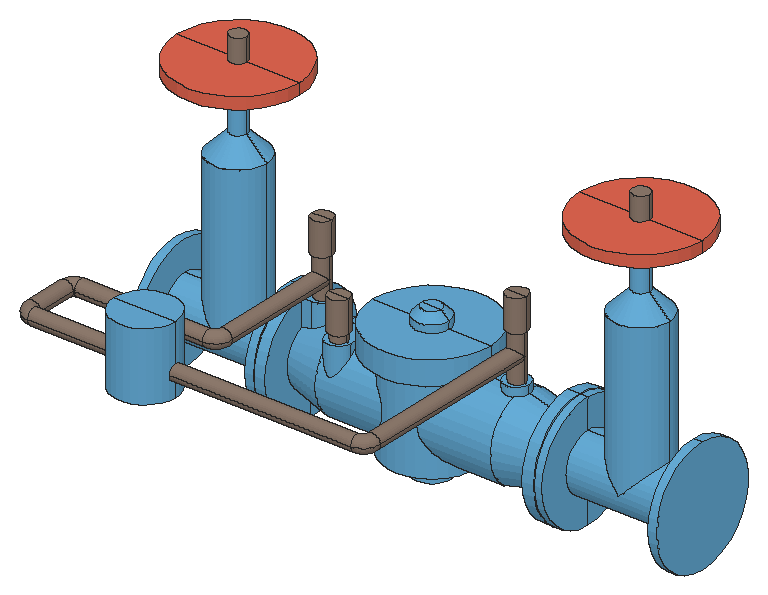
Revit family "Double_Check_Detector_Assemblies-Backflow_Prevention-WATTS-007DCDA_Series", category Pipe Accessories, Revit 2019
Family settings
  Round Connector Dimension = Use Radius
  Part Type = Valve - Breaks Into
  OmniClass Number = 23.65.55.14.21
  OmniClass Title = Non-Return Valves for Liquid Services
  Work Plane-Based = No
  Always vertical = Yes
  Cut with Voids When Loaded = No
  Shared = No
Parameters (values of type "007DCDA - 3"")
  Width = 12 5/16"
  Waste Connection = no
  Vent Connection = no
  VALVE_OAL = 18 31/256"
  built-in parameter 1114242 [instance] = (empty or 0)
  URL = "http://www.watts.com/"
  TC_Nipple_Rad = 1/2"
  TC_Boss_Rad = 205/256"
  TC_Body_Rad = 83/128"
  TC_Body_Length = 2 15/256"
  TC4_Hieght = 8 51/256"
  TC4_Boss_Hieght = 3 13/128"
  TC4_Dist = 14 19/128"
  TC3_Hieght = 5 1/4"
  TC3_Dist = 3 61/64"
  TC2_Hieght = 8 51/256"
  TC2_Boss_Hieght = CHK_Flange_Rad - 0.2"  # 3.55"
  TC2_Dist = 1 59/128"
  Shipping Weight = 96 lbf
  Revised Date = "1/11/2016"  # constant formula
  Region = "North America"  # constant formula
  RV_Rad = 2 59/64"
  RV_Port_Rad = 1 69/256"
  RV_Port_Dist = 4 23/128"
  RV_Main_Dist = 2 31/32"
  RV_Cover_Thk = 1 143/256"
  RV_Cover_Rad = 3 7/8"
  RV_Cover_Hieght = 4 131/256"
  RV_Cover_Boss_Small_Rad = 5/8"
  RV_Cover_Boss_Large_Rad = 1 31/256"
  RV_Cover_Boss_Hieght = 5 125/256"
  RV_Cover_Boss_Angle = 45.00°
  Product Page URL = "http://www.watts.com/pages/_products_details.asp?pid=3457"
  Product Documentation Link = "http://media.wattswater.com/ES-007DCDA.pdf"
  Pressure Rating = 175 psi  # constant formula
  Ordering Code = "CFM Meter : 0062513 / GPM Meter : 0062512"
  Nominal Length = 16 5/8"
  Model = "007DCDA-OSY"
  Material = "Metal-Watts-Epoxy Coated Cast Iron"  # constant formula
  Manufacturer Product Line = "Backflow Prevention"
  Manufacturer = "WATTS"
  Length = 34 1/4"
  Installation Instructions = "http://www.watts.com/pdf/1911335.pdf"
  Height = 18 7/8"
  HW Connection = no
  GV_Stem_Rad = 141/256"
  GV_Stem_Dist = GV_OAL / 2  # 4"
  GV_Out_Flg_Ext = -141/256"
  GV_OSY_Stem_Hieght = 3 51/256"
  GV_OAL = 8"
  GV_Handle_Thk = 3/4"
  GV_Handle_Rad = 4"
  GV_Handle_Height = 15 1/2"
  GV_Flow_Rad = 1 109/128"
  GV_Flange_Thk = 141/256"
  GV_Flange_Rad = 3 189/256"
  GV_Bonnet_Height = 10"
  GV_Bonnet_Angle = 45.00°
  Flow Rate = "7.5 fps / 2.3 mps"
  Description = "Series 007DCDA Double Check Detector Assemblies prevent the backflow of non-health hazard fire protection system substances from being pumped or siphoned into the potable water supply. It incorporates a meter to detect ground leaks and unauthorized illegal taps, greatly reducing annual water expenses. Its compact epoxy coated cast iron unibody and modular check design facilitate simple and easy installation and maintenance. Maximum Working Pressure: 175psi (12.06 bar)."
  Country = "United States"  # constant formula
  Connection_Rad = 1 1/2"
  Connection Type = "Flange"
  Connection Size = 2 1/2"
  Connection Outlet Description = "3\" Outlet Connection"
  Connection Inlet Description = "3\" Inlet Connection"
  CW Connection = yes
  CL_TC3 = 1 3/4"
  CL_TC1 = 4 49/256"
  CHK_In_RV = 8 197/256"
  CHK_In_2nd_Angle = 14 77/128"
  CHK_Flange_Thk = 3/4"
  CHK_Body_Small_Rad = 2"
  CHK_In_1st_Angle = 3 41/256"
  CHK_Flange_Rad = 3 3/4"
  CHK_Body_Large_Rad = 2 177/256"
  BP_WM_Top = 2 59/64"
  BP_WM_Rad = 2"
  BP_WM_Dist = 59/256"
  BP_WM_Btm = 1 133/256"
  BP_Sweep_Rad = 143/256"
  BP_Short_Length = 8 207/256"
  BP_Rad = 1/2"
  BP_Length = 21 1/2"
  BP_Hieght = 4 83/128"
  BP_Dist2 = 10 39/64"
  BP_Dist1 = 6 105/128"
  Assembly Code = "F1050"
Types (3): name | built-in parameter 1114242 | Shipping Weight | Ordering Code | Nominal Length | Length | Height | GV_Stem_Rad | GV_Stem_Dist | GV_Out_Flg_Ext | GV_OSY_Stem_Hieght | GV_OAL | GV_Handle_Rad | GV_Handle_Height | GV_Flow_Rad | GV_Flange_Thk | GV_Flange_Rad | GV_Bonnet_Height | Connection_Rad | Connection Outlet Description | Connection Inlet Description
  (no name) | (empty or 0) | 96 lbf | "CFM Meter : 0062513 / GPM Meter : 0062512" | 16 5/8" | 34 1/4" | 18 7/8" | 141/256" | 4" | -141/256" | 3 51/256" | 8" | 4" | 15 1/2" | 1 109/128" | 141/256" | 3 189/256" | 10" | 1 1/2" | "3\" Outlet Connection" | "3\" Inlet Connection"
  007DCDA - 2.5" | 1 | 164 lbf | "CFM Meter : 0062511 / GPM Meter : 0062510" | 16 3/8" | 33 1/4" | 16 3/8" | 113/256" | 3 3/4" | -73/128" | 2 105/128" | 7 1/2" | 3 5/8" | 13 3/4" | 1 77/128" | 73/128" | 3 1/2" | 8" | 1 1/4" | "2 1/2\" Outlet Connection" | "2 1/2\" Inlet Connection"
  007DCDA - 3" | (empty or 0) | 96 lbf | "CFM Meter : 0062513 / GPM Meter : 0062512" | 16 5/8" | 34 1/4" | 18 7/8" | 141/256" | 4" | -141/256" | 3 51/256" | 8" | 4" | 15 1/2" | 1 109/128" | 141/256" | 3 189/256" | 10" | 1 1/2" | "3\" Outlet Connection" | "3\" Inlet Connection"
Reference planes (in)
  plane 1 "Center (Front/Back)": y = 0
  plane 2: z = 0
  plane 3 "Center (Left/Right)": x = 0
  plane 4 "GV1_Outlet": x = 8
  plane 5 "GV2_Inlet": x = 26.25
  plane 6 "GV2_Outlet": x = 34.25
  plane 7 "TC3_WP": y = -1.75
  plane 8 "BP_WP": z = 4.64844
  plane 9: z = 18.875
  plane 10: x = 16.625
  plane 11: y = -12.3125
  plane 12: x = 22.14844
Forms (in)
  Revolve 1, solid, material "Metal-Watts-Epoxy Coated Cast Iron"
    sketch origin (0, 0, 0) x (1, 0, 0) y (0, 0, 1)
      loop
        line (0, -1.85156) -> (7.44922, -1.85156) -> (7.44922, -3.73828) -> (8, -3.73828) -> (8, 0) -> (0, 0) -> (0, -1.85156)
      loop
        line (26.25, 0) -> (26.25, -3.73828) -> (26.80078, -3.73828) -> (26.80078, -1.85156) -> (34.25, -1.85156) -> (34.25, 0) -> (26.25, 0)
      axis (0, 0) -> (34.25, 0)
    angle from 0 to 360
  Extrusion 2, solid, material "Metal-Watts-Epoxy Coated Cast Iron"
    sketch origin (0, 0, 0) x (0, 1, 0) y (0, 0, 1)
      loop
        circle (0, 0) r 3.73828
    from 0 to 0.55078 <- "GV_Flange_Thk"
  Extrusion 3, solid, material "Metal-Watts-Epoxy Coated Cast Iron"
    sketch origin (34.25, 0, 0) x (0, 0, 1) y (0, -1, 0)
      loop
        circle (0, 0) r 3.73828
    from 0 to -0.55078 <- "GV_Out_Flg_Ext"
  Revolve 4, solid, material "Metal-Watts-Epoxy Coated Cast Iron"
    sketch origin (0, 0, 0) x (1, 0, 0) y (0, 0, 1)
      loop
        line (4, 0) -> (4, 15.5) -> (0, 15.5) -> (0, 14.75) -> (3.44922, 14.75) -> (3.44922, 11.30078) -> (2.14844, 10) -> (2.14844, 0) -> (4, 0)
      axis (4, 15.5) -> (4, 0)
    angle from 0 to 360
  Revolve 5, solid, material "Metal-Watts-Epoxy Coated Cast Iron"
    sketch origin (0, 0, 0) x (1, 0, 0) y (0, 0, 1)
      loop
        line (30.25, 0) -> (30.25, 15.5) -> (26.25, 15.5) -> (26.25, 14.75) -> (29.69922, 14.75) -> (29.69922, 11.30078) -> (28.39844, 10) -> (28.39844, 0) -> (30.25, 0)
      axis (30.25, 15.5) -> (30.25, 0)
    angle from 0 to 360
  Revolve 6, solid, material "Metal-Watts-Epoxy Coated Cast Iron"
    sketch origin (0, 0, 0) x (1, 0, 0) y (0, 0, 1)
      loop
        line (8, 0) -> (8, -3.75) -> (8.75, -3.75) -> (8.75, -2) -> (11.16016, -2.69141) -> (22.60156, -2.69141) -> (25.5, -2) -> (25.5, -3.75) -> (26.25, -3.75) -> (26.25, 0) -> (8, 0)
      axis (8, 0) -> (26.25, 0)
    angle from 0 to 360
  Revolve 7, solid, material "Metal-Watts-Epoxy Coated Cast Iron"
    sketch origin (0, 0, 0) x (1, 0, 0) y (0, 0, 1)
      loop
        line (16.625, 5.48828) -> (16, 5.48828) -> (15.50391, 4.99219) -> (15.50391, 4.51172) -> (12.75, 4.51172) -> (12.75, 2.95313) -> (13.70313, 2.95313) -> (13.70313, -2.96875) -> (15.35547, -2.96875) -> (15.35547, -4.17969) -> (16.625, -4.17969) -> (16.625, 5.48828)
      axis (16.625, 5.48828) -> (16.625, -4.17969)
    angle from 0 to 360
  Extrusion 8, solid, material "Metal-Watts-Epoxy Coated Cast Iron"
    sketch origin (0, 0, 0) x (1, 0, 0) y (0, 1, 0)
      loop
        line (11.15234, 0) -> (11.15234, -1.75)
        arc (11.15234, -1.75) -> (11.95313, -2.55078) -> (12.75391, -1.75) r 0.80078
        line (12.75391, -1.75) -> (12.75391, 0) -> (11.15234, 0)
    from 0 to 2.69141 <- "CHK_Body_Large_Rad"
  Extrusion 9, solid, material "Metal-Watts-Epoxy Coated Cast Iron"
    sketch origin (0, 0, 0) x (1, 0, 0) y (0, 1, 0)
      loop
        arc (9.46094, -0.80078) -> (10.26172, 0) -> (9.46094, 0.80078) r 0.80078
        line (9.46094, 0.80078) -> (8, 0.80078) -> (8, -0.80078) -> (9.46094, -0.80078)
    from 0 to 3.55 <- "TC2_Boss_Hieght"
  Extrusion 10, solid, material "Metal-Watts-Epoxy Coated Cast Iron"
    sketch origin (0, 0, 0) x (1, 0, 0) y (0, 1, 0)
      loop
        circle (22.14844, 0) r 0.80078
    from 0 to 3.10156 <- "TC4_Boss_Hieght"
  Revolve 11, solid, material "Metal-Watts-Bronze"
    sketch origin (0, 0, 0) x (1, 0, 0) y (0, 0, 1)
      loop
        line (9.46094, 0) -> (9.46094, 8.19922) -> (8.8125, 8.19922) -> (8.8125, 6.14062) -> (8.96094, 6.14062) -> (8.96094, 0) -> (9.46094, 0)
      axis (9.46094, 8.19922) -> (9.46094, 0)
    angle from 0 to 360
  Revolve 12, solid, material "Metal-Watts-Bronze"
    sketch origin (0, 0, 0) x (1, 0, 0) y (0, 0, 1)
      loop
        line (22.14844, 0) -> (22.14844, 8.19922) -> (21.5, 8.19922) -> (21.5, 6.14062) -> (21.64844, 6.14062) -> (21.64844, 0) -> (22.14844, 0)
      axis (22.14844, 8.19922) -> (22.14844, 0)
    angle from 0 to 360
  Revolve 13, solid, material "Metal-Watts-Bronze"
    sketch origin (0, -1.75, 0) x (0, 0, 1) y (-1, 0, 0)
      loop
        line (0, -11.95313) -> (5.25, -11.95313) -> (5.25, -11.30469) -> (3.19141, -11.30469) -> (3.19141, -11.45313) -> (0, -11.45313) -> (0, -11.95313)
      axis (5.25, -11.95313) -> (0, -11.95313)
    angle from 0 to 360
  Revolve 14, solid, material "Metal-Watts-Epoxy Coated Cast Iron"
    sketch origin (0, 0, 0) x (1, 0, 0) y (0, 1, 0)
      loop
        line (1.39844, 0) -> (0.89844, 0) -> (0.89844, -2.13281) -> (0.75, -2.13281) -> (0.75, -4.19141) -> (1.39844, -4.19141) -> (1.39844, 0)
      axis (1.39844, 0) -> (1.39844, -4.19141)
    angle from 0 to 360
  Extrusion 15, solid, material "Metal-Watts-Bronze"
    sketch origin (0, 0, 13.75) x (-1, 0, 0) y (0, -1, 0)
      loop
        circle (-4, 0) r 0.55078
      loop
        circle (-30.25, 0) r 0.55078
    from 1.75 to 3.19922 <- "GV_OSY_Stem_Hieght"
  Sweep 16, solid, material "Metal-Watts-Bronze"
    path origin (0, 0, 4.64844) x (-1, 0, 0) y (0, -1, 0)
      loop
        line (-9.46094, 0) -> (-9.46094, 7.96484)
        arc (-9.46094, 7.96484) -> (-9.29733, 8.35983) -> (-8.90234, 8.52344) r 0.55859
        line (-8.90234, 8.52344) -> (-0.55859, 8.52344)
        arc (-0.55859, 8.52344) -> (-0.16361, 8.68705) -> (0, 9.08203) r 0.55859
        line (0, 9.08203) -> (0, 11.75391)
        arc (0, 11.75391) -> (-0.16361, 12.14889) -> (-0.55859, 12.3125) r 0.55859
        line (-0.55859, 12.3125) -> (-21.58984, 12.3125)
        arc (-21.58984, 12.3125) -> (-21.98483, 12.14889) -> (-22.14844, 11.75391) r 0.55859
        line (-22.14844, 11.75391) -> (-22.14844, 0)
    profile origin (9.46094, 0, 4.64844) x (1, 0, 0) y (0, 0, 1)
      loop
        circle (0, 0) r 0.5
  Revolve 17, solid, material "Metal-Watts-Epoxy Coated Cast Iron"
    sketch origin (0, -12.3125, 0) x (0, 0, -1) y (-1, 0, 0)
      loop
        line (-7.57031, -7.76953) -> (-3.12891, -7.76953) -> (-3.12891, -5.76953) -> (-7.57031, -5.76953) -> (-7.57031, -7.76953)
      axis (-7.57031, -7.76953) -> (-3.12891, -7.76953)
    angle from 0 to 360
Cuts and joins
  joined: Revolve 1, Extrusion 2, Extrusion 3
Lines and regions (in)
  Masking region 1, detail levels fine
    outline origin (0, 0, 4.64844) x (-1, 0, 0) y (0, -1, 0)
      loop
        line (-21.64844, 2.69141) -> (-19.41282, 2.69141)
        arc (-19.41282, 2.69141) -> (-16.625, 3.875) -> (-13.83718, 2.69141) r 3.875
        line (-13.83718, 2.69141) -> (-9.96094, 2.69141) -> (-9.96094, 8.02344)
        arc (-9.96094, 8.02344) -> (-9.66804, 8.73054) -> (-8.96094, 9.02344) r 1
        line (-8.96094, 9.02344) -> (-0.5, 9.02344) -> (-0.5, 11.8097) -> (-5.83376, 11.8097)
        arc (-5.83376, 11.8097) -> (-7.76953, 10.3125) -> (-9.7053, 11.8097) r 2
        line (-9.7053, 11.8097) -> (-21.64844, 11.8097) -> (-21.64844, 2.69141)
      loop
        line (-22.64844, 2.69141) -> (-25.5, 2.69141) -> (-25.5, 3.75) -> (-26.80078, 3.75) -> (-26.80078, 2.02556)
        arc (-26.80078, 2.02556) -> (-30.25, 4) -> (-33.69922, 2.02556) r 4
        line (-33.69922, 2.02556) -> (-33.69922, 3.73828) -> (-34.25, 3.73828) -> (-34.25, -3.73828) -> (-33.69922, -3.73828) -> (-33.69922, -2.02556)
        arc (-33.69922, -2.02556) -> (-30.25, -4) -> (-26.80078, -2.02556) r 4
        line (-26.80078, -2.02556) -> (-26.80078, -3.73828) -> (-25.5, -3.73828) -> (-25.5, -2.69141) -> (-19.41282, -2.69141)
        arc (-19.41282, -2.69141) -> (-16.625, -3.875) -> (-13.83718, -2.69141) r 3.875
        line (-13.83718, -2.69141) -> (-8.75, -2.69141) -> (-8.75, -3.73828) -> (-7.44922, -3.73828) -> (-7.44922, -2.02556)
        arc (-7.44922, -2.02556) -> (-4, -4) -> (-0.55078, -2.02556) r 4
        line (-0.55078, -2.02556) -> (-0.55078, -3.73828) -> (0, -3.73828) -> (0, 3.73828) -> (-0.55078, 3.73828) -> (-0.55078, 2.02556)
        arc (-0.55078, 2.02556) -> (-0.64689, 2.18098) -> (-0.75, 2.33184) r 4
        line (-0.75, 2.33184) -> (-0.75, 4.19141) -> (-2.04688, 4.19141) -> (-2.04688, 3.49075)
        arc (-2.04688, 3.49075) -> (-5.04703, 3.86054) -> (-7.44922, 2.02556) r 4
        line (-7.44922, 2.02556) -> (-7.44922, 3.75) -> (-8.75, 3.75) -> (-8.75, 2.69141) -> (-8.96094, 2.69141) -> (-8.96094, 7.94998)
        arc (-8.96094, 7.94998) -> (-8.93942, 8.00192) -> (-8.88748, 8.02344) r 0.07345
        line (-8.88748, 8.02344) -> (-0.5492, 8.02344)
        arc (-0.5492, 8.02344) -> (0.1927, 8.33074) -> (0.5, 9.07264) r 1.0492
        line (0.5, 9.07264) -> (0.5, 11.82057)
        arc (0.5, 11.82057) -> (0.20711, 12.52767) -> (-0.5, 12.82057) r 1
        line (-0.5, 12.82057) -> (-5.83514, 12.82057)
        arc (-5.83514, 12.82057) -> (-7.76953, 14.3125) -> (-9.70392, 12.82057) r 2
        line (-9.70392, 12.82057) -> (-21.64844, 12.82057)
        arc (-21.64844, 12.82057) -> (-22.35554, 12.52767) -> (-22.64844, 11.82057) r 1
        line (-22.64844, 11.82057) -> (-22.64844, 2.69141)
  symbolic lines, detail levels fine
    curve 1: circle (7.76953, -12.3125, 4.64844) r 2 normal (0, 0, 1)
    curve 2: circle (4, 0, 4.64844) r 4 normal (0, 0, -1)
    curve 3: circle (16.625, 0, 4.64844) r 3.875 normal (0, 0, 1)
    curve 4: circle (30.25, 0, 4.64844) r 4 normal (0, 0, -1)
    curve 5: line (25.5, -3.75, 4.64844) -> (25.5, 3.75, 4.64844)
    curve 6: line (8.75, -3.75, 4.64844) -> (8.75, 3.75, 4.64844)
    curve 7: circle (4, 0, 4.64844) r 0.55078 normal (0, 0, 1)
    curve 8: circle (30.25, 0, 4.64844) r 0.55078 normal (0, 0, 1)
    curve 9: circle (16.625, 0, 4.64844) r 1.26953 normal (0, 0, -1)
    curve 25: line (8.96094, -2.69141, 4.64844) -> (9.96094, -2.69141, 4.64844)
    curve 26: line (21.64844, -2.69141, 4.64844) -> (22.64844, -2.69141, 4.64844)
  model lines, detail levels coarse+medium
    curve 10: line (0, 1.67591, 0) -> (0, -1.67591, 0)
    curve 11: line (0, -1.67591, 0) -> (9.29516, 2.07998, 0)
    curve 12: line (9.29516, -1.67591, 0) -> (9.29516, 2.07998, 0)
    curve 13: line (9.29516, 2.07998, 0) -> (16.875, -1.64965, 0)
    curve 14: line (16.875, -1.64965, 0) -> (16.875, 1.67591, 0)
    curve 15: line (16.875, 1.67591, 0) -> (24.95484, -1.67591, 0)
    curve 16: line (24.95484, -1.67591, 0) -> (24.95484, 1.50481, 0)
    curve 17: line (24.95484, 1.50481, 0) -> (34.25, -1.67591, 0)
    curve 18: line (34.25, -1.67591, 0) -> (34.25, 1.67591, 0)
    curve 19: line (34.25, 1.67591, 0) -> (24.95484, -1.67591, 0)
    curve 20: line (0, 1.67591, 0) -> (9.29516, -1.67591, 0)
    curve 21: line (4.14758, 0, 0) -> (4.14758, 1.67591, 0)
    curve 22: line (29.35242, 0, 0) -> (29.35242, 1.67591, 0)
    curve 23: line (3.16327, 1.67591, 0) -> (5.1319, 1.67591, 0)
    curve 24: line (28.3681, 1.67591, 0) -> (30.33673, 1.67591, 0)
Dimensions and locks (in)
  "GV_Flow_Rad": level to Revolve 1 sketch curve
  "GV_Flange_Rad": level to Revolve 1 sketch curve
  "GV_Flange_Thk": Revolve 1 sketch curve to Revolve 1 sketch curve  (x2)
  "GV_Stem_Dist": Revolve 4 sketch curve to plane 3 "Center (Left/Right)"
  "GV_Stem_Rad": Revolve 4 sketch curve to Revolve 4 sketch curve
  "GV_Handle_Rad": Revolve 4 sketch curve to Revolve 4 sketch curve
  "GV_Flow_Rad": Revolve 4 sketch curve to Revolve 4 sketch curve
  "GV_Bonnet_Height": Revolve 4 sketch curve to level
  "GV_Handle_Height": Revolve 4 sketch curve to level
  "GV_Handle_Thk": Revolve 4 sketch curve to Revolve 4 sketch curve
  "GV_Stem_Rad": Revolve 5 sketch curve to Revolve 5 sketch curve
  "GV_Handle_Rad": Revolve 5 sketch curve to Revolve 5 sketch curve
  "GV_Flow_Rad": Revolve 5 sketch curve to Revolve 5 sketch curve
  "GV_Bonnet_Height": Revolve 5 sketch curve to level
  "GV_Stem_Dist": Revolve 5 sketch curve to plane 5 "GV2_Inlet"
  "CHK_Flange_Rad": level to Revolve 6 sketch curve
  "CHK_Body_Small_Rad": Revolve 6 sketch curve to Revolve 6 sketch curve  (x2)
  "CHK_Body_Large_Rad": Revolve 6 sketch curve to Revolve 6 sketch curve
  "CHK_Flange_Thk": Revolve 6 sketch curve to Revolve 1
  "CHK_In_1st_Angle": Revolve 6 sketch curve to Revolve 1
  "CHK_In_2nd_Angle": Revolve 6 sketch curve to Revolve 1
  "CHK_Flange_Thk": Revolve 1 to Revolve 6 sketch curve
  "TC3_Dist": plane 4 "GV1_Outlet" to Extrusion 8 sketch curve
  "CL_TC3": Extrusion 8 sketch curve to plane 1 "Center (Front/Back)"
  "TC2_Dist": plane 4 "GV1_Outlet" to Extrusion 9 sketch curve
  "TC4_Dist": plane 4 "GV1_Outlet" to Extrusion 10 sketch curve
  "CL_TC3": plane 1 "Center (Front/Back)" to plane 7 "TC3_WP"
  "TC2_Dist": Revolve 11 sketch curve to plane 4 "GV1_Outlet"
  "TC_Body_Rad": Revolve 11 sketch curve to Revolve 11 sketch curve
  "TC_Nipple_Rad": Revolve 11 sketch curve to Revolve 11 sketch curve
  "TC2_Hieght": Revolve 11 sketch curve to level
  "TC_Body_Length": Revolve 11 sketch curve to Revolve 11 sketch curve
  "TC4_Dist": Revolve 12 sketch curve to plane 4 "GV1_Outlet"
  "TC_Body_Rad": Revolve 12 sketch curve to Revolve 12 sketch curve
  "TC_Nipple_Rad": Revolve 12 sketch curve to Revolve 12 sketch curve
  "TC4_Hieght": Revolve 12 sketch curve to level
  "TC_Body_Length": Revolve 12 sketch curve to Revolve 12 sketch curve
  "TC3_Dist": Revolve 13 sketch curve to plane 4 "GV1_Outlet"
  "TC_Body_Rad": Revolve 13 sketch curve to Revolve 13 sketch curve
  "TC_Body_Length": Revolve 13 sketch curve to Revolve 13 sketch curve
  "TC_Nipple_Rad": Revolve 13 sketch curve to Revolve 13 sketch curve
  "TC3_Hieght": Revolve 13 sketch curve to level
  "TC_Nipple_Rad": Revolve 14 sketch curve to Revolve 14 sketch curve
  "TC_Body_Rad": Revolve 14 sketch curve to Revolve 14 sketch curve
  "TC_Body_Length": Revolve 14 sketch curve to Revolve 14 sketch curve
  "CL_TC1": Revolve 14 sketch curve to plane 1 "Center (Front/Back)"
  "GV_Stem_Dist": plane 3 "Center (Left/Right)" to Extrusion 15 sketch curve
  "GV_Stem_Dist": plane 5 "GV2_Inlet" to Extrusion 15 sketch curve
  "BP_WM_Dist": plane 4 "GV1_Outlet" to Revolve 17 sketch curve
  "BP_WM_Rad": Revolve 17 sketch curve to Revolve 17 sketch curve
  "BP_WM_Top": Revolve 17 sketch curve to plane 8 "BP_WP"
  "BP_WM_Btm": plane 8 "BP_WP" to Revolve 17 sketch curve
  locked: plane 3 "Center (Left/Right)" to Revolve 14 sketch curve at 1.39844
  plane 3 "Center (Left/Right)" to plane 6 "GV2_Outlet" = 34 1/4"
  "Height": plane 9 to level
  "Length": plane 6 "GV2_Outlet" to plane 3 "Center (Left/Right)"
  "Nominal Length": plane 10 to plane 3 "Center (Left/Right)"
  "GV_OAL": plane 4 "GV1_Outlet" to plane 3 "Center (Left/Right)"
  "GV_OAL": plane 6 "GV2_Outlet" to plane 5 "GV2_Inlet"
  "Width": plane 11 to plane 1 "Center (Front/Back)"
  "TC4_Dist": plane 4 "GV1_Outlet" to Sweep 16 sketch curve
  "TC4_Dist": plane 4 "GV1_Outlet" to plane 12
  locked: plane 12 to Masking region 1 sketch curve at 0.5
  locked: Masking region 1 sketch curve to plane 12 at 0.5
  locked: Masking region 1 sketch curve to plane 3 "Center (Left/Right)" at 0.5
  locked: plane 3 "Center (Left/Right)" to Masking region 1 sketch curve at 0.5
  locked: Masking region 1 sketch curve to plane 11 at 0.5028
  locked: plane 11 to Masking region 1 sketch curve at 0.50807
  "GV_Flange_Rad": radius of Extrusion 2 sketch curve
  "GV_Flange_Rad": radius of Extrusion 3 sketch curve
  "TC_Boss_Rad": radius of Extrusion 8 sketch curve
  "TC_Boss_Rad": radius of Extrusion 9 sketch curve
  "TC_Boss_Rad": radius of Extrusion 10 sketch curve
  "GV_Stem_Rad": radius of Extrusion 15 sketch curve  (x2)
  "BP_Rad": radius of Sweep 16 sketch curve
  "GV_Bonnet_Angle": angle Revolve 4 sketch curve to Revolve 4 sketch curve
  "GV_Bonnet_Angle": angle Revolve 5 sketch curve to Revolve 5 sketch curve
  aligned and locked: level to Revolve 1 sketch curve  (x2)
  aligned and locked: Revolve 1 sketch curve to plane 5 "GV2_Inlet"
  aligned and locked: plane 6 "GV2_Outlet" to Revolve 1 sketch curve
  aligned and locked: plane 4 "GV1_Outlet" to Revolve 1 sketch curve
  aligned and locked: Revolve 1 sketch curve to plane 3 "Center (Left/Right)"
  aligned and locked: Revolve 1 sketch curve to Revolve 1 sketch curve  (x3)
  aligned and locked: Revolve 4 sketch curve to level
  aligned and locked: Revolve 4 sketch curve to Revolve 4 sketch curve
  aligned and locked: Revolve 5 sketch curve to level
  aligned and locked: Revolve 4 to Revolve 5 sketch curve
  aligned and locked: Revolve 5 sketch curve to Revolve 4
  aligned and locked: Revolve 5 sketch curve to Revolve 5 sketch curve
  aligned and locked: Revolve 6 sketch curve to plane 4 "GV1_Outlet"
  aligned and locked: Revolve 6 sketch curve to plane 5 "GV2_Inlet"
  aligned and locked: Revolve 6 sketch curve to Revolve 6 sketch curve  (x2)
  aligned and locked: Revolve 6 sketch curve to level
  aligned and locked: Revolve 7 sketch curve to Revolve 7 sketch curve
  aligned and locked: plane 1 "Center (Front/Back)" to Extrusion 8 sketch curve
  aligned and locked: plane 4 "GV1_Outlet" to Extrusion 9 sketch curve
  aligned and locked: Revolve 11 sketch curve to level
  aligned and locked: Revolve 11 sketch curve to Revolve 11 sketch curve
  aligned and locked: Revolve 12 sketch curve to level
  aligned and locked: Revolve 12 sketch curve to Revolve 12 sketch curve
  aligned and locked: Revolve 13 sketch curve to level
  aligned and locked: Revolve 13 sketch curve to Revolve 13 sketch curve
  aligned and locked: plane 1 "Center (Front/Back)" to Revolve 14 sketch curve
  aligned and locked: Revolve 14 sketch curve to Revolve 14 sketch curve
  aligned and locked: plane 1 "Center (Front/Back)" to Sweep 16 sketch curve
  aligned: Revolve 17 sketch curve to Revolve 17 sketch curve
  aligned and locked: Revolve 17 sketch curve to Revolve 17 sketch curve
  aligned and locked: Revolve 7 sketch curve to plane 10
  aligned and locked: Revolve 4 to Extrusion 15
  aligned and locked: Masking region 1 sketch curve to Revolve 17  (x2)
  aligned and locked: Sweep 16 sketch curve to plane 3 "Center (Left/Right)"
  aligned and locked: curve 1 to Revolve 17
  aligned and locked: Masking region 1 sketch curve to Revolve 4  (x3)
  aligned and locked: Masking region 1 sketch curve to Revolve 7  (x2)
  aligned and locked: Masking region 1 sketch curve to Revolve 5  (x2)
  aligned and locked: cut or joined group of Revolve 1, Extrusion 2, Extrusion 3 to Masking region 1 sketch curve  (x6)
  aligned and locked: Revolve 6 to Masking region 1 sketch curve  (x2)
  aligned and locked: Masking region 1 sketch curve to Revolve 6  (x2)
  aligned and locked: Masking region 1 sketch curve to cut or joined group of Revolve 1, Extrusion 2, Extrusion 3  (x4)
  aligned and locked: Revolve 14 to Masking region 1 sketch curve
  aligned and locked: curve 2 to Revolve 4
  aligned and locked: curve 3 to Masking region 1
  aligned and locked: curve 4 to Revolve 5
  aligned and locked: curve 5 to Revolve 6
  aligned and locked: curve 6 to Revolve 6
  aligned and locked: curve 7 to Extrusion 15
  aligned and locked: curve 8 to Extrusion 15
  aligned and locked: curve 9 to Revolve 7
  aligned and locked: Masking region 1 sketch curve to Masking region 1 sketch curve  (x3)
  aligned and locked: Masking region 1 to curve 25
  aligned and locked: curve 25 to Masking region 1
  aligned and locked: Masking region 1 to curve 26
  aligned and locked: curve 26 to Masking region 1
Automatic sketch dimensions
  Revolve 1 sketch curve to plane 3 "Center (Left/Right)" = 0"
  Revolve 1 sketch curve to plane 6 "GV2_Outlet" = 0"
  Revolve 6 sketch curve to plane 4 "GV1_Outlet" = 0"
  Revolve 6 sketch curve to plane 5 "GV2_Inlet" = 0"
  Extrusion 9 sketch curve to plane 1 "Center (Front/Back)" = 0"
  Extrusion 9 sketch curve to Extrusion 9 sketch curve = 0"
  Extrusion 10 sketch curve to plane 1 "Center (Front/Back)" = 0"
  Revolve 14 sketch curve to plane 1 "Center (Front/Back)" = 0"
  Revolve 14 sketch curve to Revolve 14 sketch curve = 0"
  Extrusion 15 sketch curve to plane 1 "Center (Front/Back)" = 0"  (x2)
  Sweep 16 sketch curve to plane 8 "BP_WP" = 0"
  Sweep 16 sketch curve to profile plane = 0"
  Revolve 17 sketch curve to Revolve 17 sketch curve = 0"  (x2)
  Sweep 16 sketch curve to plane 11 = 0"
  plane 1 "Center (Front/Back)" to Sweep 16 sketch curve = 0"
  Sweep 16 sketch curve to Sweep 16 sketch curve = 143/256"  (x2)
  plane 4 "GV1_Outlet" to Sweep 16 sketch curve = 1 59/128"
  plane 3 "Center (Left/Right)" to Sweep 16 sketch curve = 143/256"  (x2)
  plane 11 to Sweep 16 sketch curve = 4 89/256"
  curve 10 to plane 3 "Center (Left/Right)" = 0"
  plane 1 "Center (Front/Back)" to curve 21 = 0"
  plane 1 "Center (Front/Back)" to curve 22 = 0"
  curve 18 to plane 6 "GV2_Outlet" = 0"
  plane 3 "Center (Left/Right)" to curve 23 = 3.16327"
  curve 23 to curve 21 = 0.98432"
  curve 21 to curve 23 = 0.98432"
  curve 12 to plane 7 "TC3_WP" = 0.07409"
  plane 4 "GV1_Outlet" to curve 12 = 1.29516"
  curve 13 to plane 7 "TC3_WP" = 0.10035"
  plane 10 to curve 13 = 1/4"
  curve 16 to plane 5 "GV2_Inlet" = 1.29516"
  plane 5 "GV2_Inlet" to curve 24 = 2.1181"
  curve 24 to curve 22 = 0.98432"
  curve 22 to curve 24 = 0.98432"
  curve 11 to plane 7 "TC3_WP" = 0.07409"
  curve 17 to plane 7 "TC3_WP" = 0.07409"
  curve 19 to plane 7 "TC3_WP" = 0.07409"
  curve 10 to plane 1 "Center (Front/Back)" = 1.67591"
  curve 15 to plane 1 "Center (Front/Back)" = 1.67591"
  curve 18 to plane 1 "Center (Front/Back)" = 1.67591"
  curve 23 to plane 1 "Center (Front/Back)" = 1.67591"
  curve 24 to plane 1 "Center (Front/Back)" = 1.67591"
  Extrusion 2 sketch curve to level = 0"
  Extrusion 2 sketch curve to plane 1 "Center (Front/Back)" = 0"
  Extrusion 3 sketch curve to level = 0"
  Extrusion 3 sketch curve to plane 1 "Center (Front/Back)" = 0"
  Revolve 4 sketch curve to level = 0"
  Revolve 4 sketch curve to Revolve 4 sketch curve = 0"
  Revolve 5 sketch curve to level = 0"
  Revolve 5 sketch curve to Revolve 5 sketch curve = 0"
  Revolve 7 sketch curve to plane 10 = 5/8"
  Revolve 7 sketch curve to plane 8 "BP_WP" = 35/256"  (x2)
  Revolve 7 sketch curve to Revolve 7 sketch curve = 127/256"
  Revolve 7 sketch curve to plane 10 = 1 69/256"
  Revolve 7 sketch curve to Revolve 7 sketch curve = 1 167/256"
  Revolve 7 sketch curve to Revolve 7 sketch curve = 61/64"
  Revolve 7 sketch curve to Revolve 7 sketch curve = 1 143/256"
  Revolve 7 sketch curve to level = 2 31/32"
  Revolve 7 sketch curve to Revolve 7 sketch curve = 1 27/128"  (x2)
  plane 8 "BP_WP" to Revolve 7 sketch curve = 11/32"
  plane 8 "BP_WP" to Revolve 7 sketch curve = 215/256"
  Revolve 11 sketch curve to level = 0"
  Revolve 11 sketch curve to Revolve 11 sketch curve = 0"
  Revolve 12 sketch curve to level = 0"
  Revolve 12 sketch curve to Revolve 12 sketch curve = 0"
  Revolve 13 sketch curve to level = 0"
  Revolve 13 sketch curve to Revolve 13 sketch curve = 0"
  Masking region 1 sketch curve to Masking region 1 sketch curve = 0"  (x3)
  plane 7 "TC3_WP" to Masking region 1 sketch curve = 241/256"  (x4)
  Masking region 1 sketch curve to plane 1 "Center (Front/Back)" = 2 177/256"
  Masking region 1 sketch curve to Masking region 1 sketch curve = 1 27/128"
  plane 4 "GV1_Outlet" to Masking region 1 sketch curve = 123/128"
  Masking region 1 sketch curve to Masking region 1 sketch curve = 0.07345"  (x2)
  Masking region 1 sketch curve to plane 11 = 0.50807"
  plane 11 to Masking region 1 sketch curve = 0.5028"
  Masking region 1 sketch curve to Masking region 1 sketch curve = 1 127/256"
  Masking region 1 sketch curve to Masking region 1 sketch curve = 51/256"
  Masking region 1 sketch curve to Masking region 1 sketch curve = 0.0492"
  Masking region 1 sketch curve to Masking region 1 sketch curve = 1.71272"  (x2)
  Masking region 1 sketch curve to Masking region 1 sketch curve = 1 3/64"
  Masking region 1 sketch curve to Masking region 1 sketch curve = 29/64"
  Masking region 1 sketch curve to Masking region 1 sketch curve = 1 15/256"  (x2)
  Masking region 1 sketch curve to Masking region 1 sketch curve = 3.85972"
  plane 7 "TC3_WP" to curve 26 = 241/256"
  curve 5 to plane 1 "Center (Front/Back)" = 3 3/4"
  curve 6 to plane 1 "Center (Front/Back)" = 3 3/4"
  plane 7 "TC3_WP" to curve 25 = 241/256"
  plane 7 "TC3_WP" to curve 5 = 2"
  curve 25 to curve 6 = 1 15/256"
Connectors (in)
  piping at (0, 0, 0), diameter 3, driven by "Connection_Rad", driven by "Connection Inlet Description"
    settings: on Extrusion 2, index 1, connector inside diameter 2 1/2", connector length 0", flow factor 0, pipe flow 0 GPM, pressure drop 0.00 psi, fitting loss kfactor 0, connector angle 0.00°, fixture units 0, engagement length 0", angle of deflection 0.00°, flow configuration 0, flow direction 1, fitting loss method 0, system type 29, joint type 0, gender type 0, connector reference index 2, connector utility 0, adjustable connector no, is connector primary yes, connector description "3\" Inlet Connection"
  piping at (34.25, 0, 0), diameter 3, driven by "Connection_Rad", driven by "Connection Outlet Description"
    settings: on Extrusion 3, index 2, connector inside diameter 2 1/2", connector length 0", flow factor 0, pipe flow 0 GPM, pressure drop 0.00 psi, fitting loss kfactor 0, connector angle 0.00°, fixture units 0, engagement length 0", angle of deflection 0.00°, flow configuration 0, flow direction 2, fitting loss method 0, system type 29, joint type 0, gender type 0, connector reference index 1, connector utility 0, adjustable connector yes, is connector primary no, connector description "3\" Outlet Connection"
